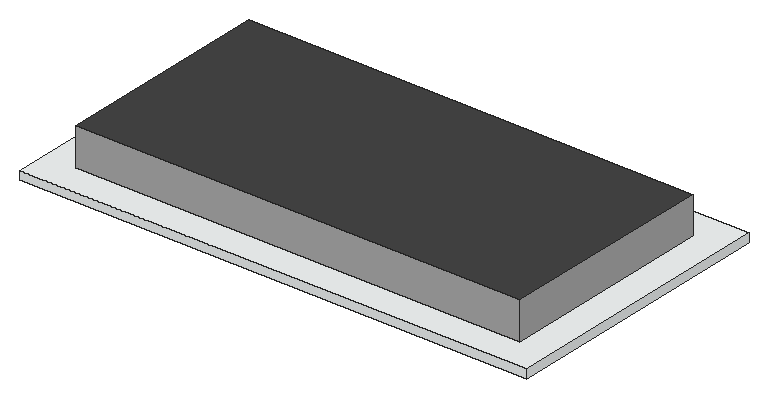
Revit family "1HVAC_Ductwork_Airzone_Return-Grille_RSDR", category Air Terminals, Revit 2016
Family settings
  Part Type = Normal
  Round Connector Dimension = Use Diameter
  OmniClass Number = 23.75.70.21.27.11
  OmniClass Title = Diffusers, Registers, and Grilles
  Work Plane-Based = No
  Always vertical = Yes
  Cut with Voids When Loaded = No
  Shared = No
  Room Calculation Point = Yes
Parameters (values of type "INVALID TYPE - Use Load Family and Type Catalog instead")
  c8 = -0.4749  # constant formula
  c7 = 0.02876  # constant formula
  c6 = 9.919  # constant formula
  c5 = 49.97  # constant formula
  c4 = -78.37  # constant formula
  c3 = -85.77  # constant formula
  c2 = -1.92  # constant formula
  c1 = 0.000494  # constant formula
  Velocity [instance] = (Q / (36 * Ak)) * 1.0 m/s  # 1.38889 m/s
  URL = "www.airzone.es"
  Type Image Comments = "Image available in product documentation download"  # constant formula
  Type Comments = ""
  Throw Distance [instance] = round((c7 * (Ak ^ c8) * Q) * 1000) * 1 mm  # 2560 mm
  Sound Level in dBA [instance] = round((c3 + (c4 * log(Ak))) + ((c5 + (c6 * log(Ak))) * log(Q)))  # -4
  Revit Model Version = "1.0"  # constant formula
  Q [instance] = Flow / 1 m³/h  # 150
  Product Documentation Download URL = "http://doc.airzone.es/BIM/AirQ/Airzone_RSDR.zip"
  Product Comments = "Refer to technical documentation for further details"  # constant formula
  Product Code = "INVALID – Type not loaded via type catalog"
  Pressure Drop [instance] = ((c1 * (Ak ^ c2)) * (Q ^ 2)) * 1.0 Pa  # 1.34846 Pa
  Model = Product Code  # "INVALID – Type not loaded via type catalog"
  Min Flow = 150 m³/h
  Max Flow = 5000 m³/h
  Manufacturer = "AIRZONE"  # constant formula
  Main Material = Metal - AIRZONE - Extruded Aluminium - White (RAL 9010)
  Long Description = "Extruded aluminum return grille. 26-mm standard frame. Horizontal moving slats for an individual regulation as they adapt the air range and the air stream to the needs of the zone."  # constant formula
  Grille Material = Metal - AIRZONE - Grille 20 mm - White (RAL 9010)
  Flow [instance] = 150 m³/h
  Fixing = "Clip (K), mounting frame required. Screw (T), mounting frame required. Bolt (P), safety mechanical fixing"  # constant formula
  Finish = "White (RAL 9010)"
  Effective Area = Ak * 100.00 cm²  # 300.00 cm²
  Duct Width = 300 mm
  Duct Height = 150 mm
  Disclaimer = "All information provided in this model is reviewed before being published. However, Airzone cannot guarantee this model is error-free, therefore users are strongly encouraged to check for technical documentation and updates"  # constant formula
  Description = "Return grille of horizontal simple deflection"  # constant formula
  Compatible Accesories = "Mounting frame. Manual flow regulation (All-Nothing, 2x1,Minimum Air). Plenum for grille (PREJ and FR-X2F). Antiparticle filter (FILT). Grille deflector"  # constant formula
  Ak = 3
  Accessories Material = Metal - AIRZONE - Extruded Aluminium - Anodized (Matt Silver Color)
Reference planes
  plane 1 "Center (Front/Back)": y = 0
  plane 2: z = 0
  plane 3 "Center (Left/Right)": x = 0
  plane 4 "Left": x = -150
  plane 5 "Right": x = 150
  plane 6 "Front": y = -75
  plane 7 "Back": y = 75
Forms (mm)
  Extrusion 1, solid, material "Metal - AIRZONE - Extruded Aluminium - White (RAL 9010)" <- "Main Material", detail levels fine
    sketch origin (0, 0, 0) x (1, 0, 0) y (0, 1, 0)
      loop
        line (-166, 91) -> (-166, -91) -> (166, -91) -> (166, 91) -> (-166, 91)
    from 0 to -5.5
  Extrusion 2, solid, material "Metal - AIRZONE - Extruded Aluminium - Anodized (Matt Silver Color)" <- "Accessories Material"
    sketch origin (0, 0, 0) x (1, 0, 0) y (0, 1, 0)
      loop
        line (-145.7, 70.7) -> (-145.7, -70.7) -> (145.7, -70.7) -> (145.7, 70.7) -> (-145.7, 70.7)
    from 0 to 24.5
  Extrusion 3, solid, material "Metal - AIRZONE - Extruded Aluminium - White (RAL 9010)" <- "Main Material", detail levels coarse+medium
    sketch origin (0, 0, 0) x (1, 0, 0) y (0, 1, 0)
      loop
        line (-166, 91) -> (-166, -91) -> (166, -91) -> (166, 91) -> (-166, 91)
    from 0 to -5.5
Lines and regions (mm)
  Split face 1
    outline origin (0, 0, -5.5) x (1, 0, 0) y (0, 1, 0)
      loop
        line (-140, -65) -> (140, -65) -> (140, 65) -> (-140, 65) -> (-140, -65)
  model lines, detail levels medium
    curve 1: line (-140, 65, -5.5) -> (140, 65, -5.5)
    curve 2: line (-140, -65, -5.5) -> (-140, 65, -5.5)
    curve 3: line (140, -65, -5.5) -> (-140, -65, -5.5)
    curve 4: line (140, 65, -5.5) -> (140, -65, -5.5)
  symbolic lines, detail levels medium+fine
    curve 5: line (-150, 75, 0) -> (150, 75, 0)
    curve 6: line (-150, -75, 0) -> (-150, 75, 0)
    curve 7: line (150, -75, 0) -> (-150, -75, 0)
    curve 8: line (150, 75, 0) -> (150, -75, 0)
    curve 9: line (-150, -75, 0) -> (150, 75, 0)
    curve 10: line (150, -75, 0) -> (-150, 75, 0)
  model lines, detail levels coarse
    curve 11: line (-166, -91, -5.5) -> (166, 91, -5.5)
    curve 12: line (166, 91, -5.5) -> (-166, 91, -5.5)
    curve 13: line (-166, 91, -5.5) -> (166, -91, -5.5)
  symbolic lines, detail levels coarse
    curve 14: line (-166, 91, 0) -> (166, -91, 0)
    curve 15: line (166, 91, 0) -> (-166, -91, 0)
Dimensions and locks
  equal spacing: plane 4 "Left", plane 3 "Center (Left/Right)", plane 5 "Right"
  equal spacing: plane 7 "Back", plane 1 "Center (Front/Back)", plane 6 "Front"
  "Duct Width": plane 4 "Left" to plane 5 "Right"
  "Duct Height": plane 7 "Back" to plane 6 "Front"
  locked: Extrusion 1 sketch curve to plane 4 "Left" at 16
  locked: plane 5 "Right" to Extrusion 1 sketch curve at 16
  locked: Extrusion 1 sketch curve to plane 7 "Back" at 16
  locked: plane 6 "Front" to Extrusion 1 sketch curve at 16
  locked: plane 4 "Left" to Split face 1 sketch curve at 10
  locked: Split face 1 sketch curve to plane 5 "Right" at 10
  locked: plane 7 "Back" to Split face 1 sketch curve at 10
  locked: Split face 1 sketch curve to plane 6 "Front" at 10
  locked: plane 4 "Left" to Extrusion 2 sketch curve at 4.3
  locked: Extrusion 2 sketch curve to plane 5 "Right" at 4.3
  locked: plane 7 "Back" to Extrusion 2 sketch curve at 4.3
  locked: Extrusion 2 sketch curve to plane 6 "Front" at 4.3
  locked: Extrusion 3 sketch curve to plane 4 "Left" at 16
  locked: plane 5 "Right" to Extrusion 3 sketch curve at 16
  locked: Extrusion 3 sketch curve to plane 7 "Back" at 16
  locked: plane 6 "Front" to Extrusion 3 sketch curve at 16
  locked: curve 4 to plane 5 "Right" at 10
  locked: plane 4 "Left" to curve 2 at 10
  locked: plane 7 "Back" to curve 1 at 10
  locked: curve 3 to plane 6 "Front" at 10
  aligned and locked: level to plane 2
  aligned and locked: plane 4 "Left" to curve 6
  aligned and locked: curve 5 to plane 7 "Back"
  aligned and locked: curve 8 to plane 5 "Right"
  aligned and locked: plane 6 "Front" to curve 7
Automatic sketch dimensions
  curve 13 to Extrusion 3 = 0 mm  (x3)
  curve 11 to Extrusion 3 = 0 mm  (x3)
  curve 12 to Extrusion 3 = 0 mm
  curve 15 to plane 4 "Left" = 16 mm
  curve 14 to plane 4 "Left" = 16 mm
  plane 5 "Right" to curve 15 = 16 mm
  plane 5 "Right" to curve 14 = 16 mm
  curve 15 to plane 6 "Front" = 16 mm
  curve 14 to plane 6 "Front" = 16 mm
  plane 7 "Back" to curve 15 = 16 mm
  plane 7 "Back" to curve 14 = 16 mm
Connectors
  hvac at (0, 0, 24.5), driven by "Pressure Drop", driven by "Flow", driven by "Duct Height", driven by "Duct Width"
    settings: on Extrusion 2, index 1, duct flow 150 m³/h, flow factor 0, pres drop 1.34846 Pa, loss coef 0, conn angle 0.00°, conn width 300 mm, conn height 150 mm, conn diameter 609.6 mm, duct sys type 2, conn prof type 1, flow config 1, flow direction 2, loss method 4, conn ref index -1, conn util no, is conn primary yes, conn desc "Return Air"
